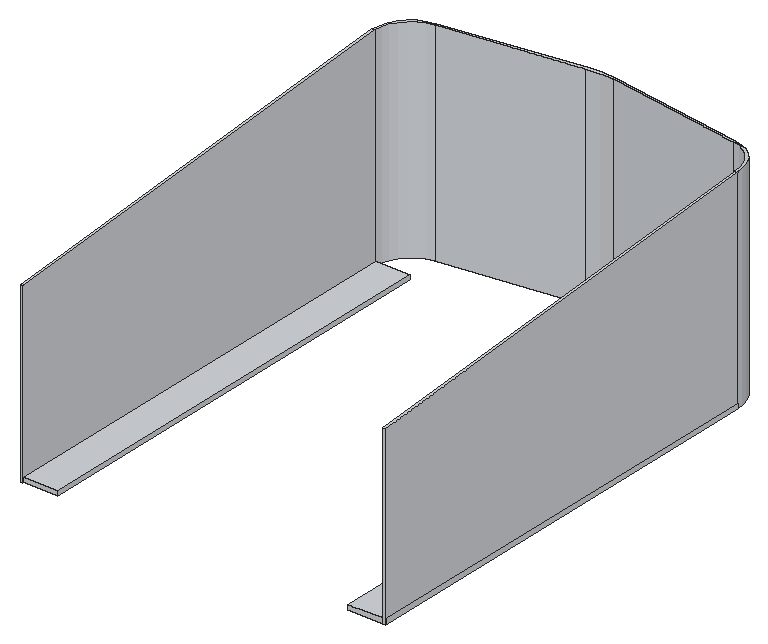
Revit family "Building-RicaricaVeicoliElettrici-GEWISS-JOINON-ICON_SUPPORTO-PROTEZIONE", category Apparecchi elettrici, host Superficie, Revit 2019
Family settings
  Host = Superficie
  Mantenere orientamento annotazione = Sì
  Quota connettore circolare = Usa diametro
  Tipo di parte = Normale
  Taglio con vuoti quando caricato = No
  Condiviso = No
  Punto di calcolo locali = Sì
Parameters (values of type "GWJ8104 - SUPPORTO PROTEZIONE I-CON")
  visibilita posizionamento 2d [instance] = yes
  simbolo acceso [instance] = yes
  oggetto in pianta [instance] = not(visibilita posizionamento 2d)  # no
  distanza_simbolo [instance] = 1 mm
  distanza dal piano [instance] = 10 mm
  W = 115 mm  # constant formula
  Voltaggio = 0 V
  Versione file RFA = "19.4"
  VETRO = Vetro
  URL = "https://www.gewiss.com/it/it"
  Spostamento_effettivo_S [instance] = 4000 mm - Spostamento_S  # 2500 mm
  Spostamento_S = 1500 mm
  Simbolo circuito [instance] = not(simbolo acceso)  # no
  Scheda Tecnica = "https://www.gewiss.com/it/it/search?q=GWJ8104"
  STRUTTURA ALTA = blue
  STRUTTURA = RAL - 7035
  Default Elevation = 1219.2 mm
  Produttore = "GEWISS S.p.A."
  PRESA = Giallo
  POMELLO = bianco
  N.poli = 1
  Modello = "GWJ8104"
  L = 155 mm  # constant formula
  Immagine tipo = ICON_TETTUCCIO.jpg
  IDT = "de4cf1b2-9fd5-41ee-a883-306328bc9e16"
  IDF = "2af7dd89-743f-435f-ac6f-e7531f5fa199"
  FORMULA = 1000 mm * 1  # 1000 mm
  Descrizione: = "Supporto protezione I-CON"
  Descrizione = "SUPPORTO PROTEZIONE I-CON"
  Creato da GEWISS S.p.A. = ""
  Codice Electrocod = "2242"
  Codice EAN = "8034035071393"
  Catalogo = "E-MOBILITY"
  COBie.Tagnumber = ""
  COBie.CreatedOn = ""
  COBie.CreatebBy = ""
  COBie.ComponentRegisterItemID = ""
  COBie.Component.TagNumber = ""
  COBie.Component.Space = ""
  COBie.Component.SerialNumber = ""
  COBie.Component.InstallationDate = ""
  COBie.Component.Description = ""
  COBie.Component.BarCode = ""
  BLOCCO = "B=C"
  Adatto per = "WallBox I-CON"
Reference planes
  plane 1 "Centro (Fronte/Retro)": y = 0
  plane 2: z = 0
  plane 3 "Centro (Sinistra/Destra)": x = 0
  plane 4: x = -3000
  plane 5: x = -500
  plane 6: z = 10
Dimensions and locks
  plane 4 to plane 3 "Centro (Sinistra/Destra)" = 3000 mm
  "Spostamento_effettivo_S": plane 4 to plane 5
  "distanza dal piano": plane 6 to plane 2
  aligned and locked: plane 2 to host face
  aligned and locked: level to host face
Automatic sketch dimensions
  host sketch curve to host sketch curve = 2438.4 mm  (x2)
Nested families
  nested 1: "I-CON_TETTUCCIO METALLICO_BASE" at (0, 0, 0) x (0, 1, 0) z (0, 0, 1), type "I-CON_TETTUCCIO METALLICO_BASE"
Definition of nested family "I-CON_TETTUCCIO METALLICO_BASE"
  Parameters (values of type "I-CON_TETTUCCIO METALLICO_BASE")
    POTENZA IN WOLT = 0 V
    N_POLI = 1
    CENTRALE = none
  Reference planes
    plane 1 "Centro (Fronte/Retro)": y = 0
    plane 2: z = 0
    plane 3 "Centro (Sinistra/Destra)": x = 0
    plane 4 "EEE": through (4267.2, -291.041, 143.375) normal (0, -0.788, -0.6157)
    plane 5: y = 303
    plane 6: y = 301
    plane 7: y = 2
    plane 8: y = 271.981
    plane 9: y = 31
    plane 10: z = 4
  Forms (mm)
    Extrusion 1, solid
      sketch origin (-0.053, 151.323, 0) x (0.000352, -1, 0) y (1, 0.000352, 0)
        loop
          line (-151.677, 0) -> (-149.677, 0) -> (-149.677, 365.411)
          arc (-149.677, 365.411) -> (-142.318, 385.093) -> (-123.852, 395.119) r 30
          line (-123.852, 395.119) -> (-11.409, 410.922)
          arc (-11.409, 410.922) -> (-0.123, 411.711) -> (11.163, 410.922) r 81.094
          line (11.163, 410.922) -> (123.498, 395.134)
          arc (123.498, 395.134) -> (141.964, 385.108) -> (149.323, 365.426) r 30
          line (149.323, 365.426) -> (149.323, 0) -> (151.323, 0) -> (151.323, 365.426)
          arc (151.323, 365.426) -> (143.474, 386.42) -> (123.776, 397.115) r 32
          line (123.776, 397.115) -> (11.442, 412.902)
          arc (11.442, 412.902) -> (-0.123, 413.711) -> (-11.687, 412.902) r 83.094
          line (-11.687, 412.902) -> (-124.131, 397.099)
          arc (-124.131, 397.099) -> (-143.828, 386.405) -> (-151.677, 365.411) r 32
          line (-151.677, 365.411) -> (-151.677, 0)
      from 0 to 199.707
    Extrusion 2, void
      sketch origin (0, 0, 0) x (1, 0, 0) y (0, 0, 1)
        loop
          line (-0.107, 199.707) -> (-0.107, 145.817) -> (365.012, 175.792) -> (413.658, 175.792) -> (413.658, 199.707) -> (-0.107, 199.707)
      from -351.6 to 23.636
    Extrusion 3, solid
      sketch origin (0, 0, 0) x (1, 0, 0) y (0, 1, 0)
        loop
          line (0, 271.981) -> (365.434, 271.981) -> (365.434, 301) -> (0, 301) -> (0, 271.981)
        loop
          line (0, 31) -> (0, 0) -> (365.446, 0) -> (365.446, 31) -> (0, 31)
      from 0 to 4
  Cuts and joins
    Extrusion 2 cuts Extrusion 1
  Dimensions and locks
    locked: plane 1 "Centro (Fronte/Retro)" to plane 7 at 2
    plane 5 to plane 6 = 2 mm
    locked: plane 10 to level at 4
    aligned and locked: level to plane 2
    aligned and locked: Extrusion 3 sketch curve to plane 8
    aligned and locked: Extrusion 3 sketch curve to plane 6
    aligned and locked: Extrusion 3 sketch curve to plane 3 "Centro (Sinistra/Destra)"
    aligned and locked: Extrusion 3 sketch curve to plane 9
    aligned and locked: Extrusion 3 sketch curve to plane 1 "Centro (Fronte/Retro)"
    aligned and locked: plane 10 to Extrusion 3
